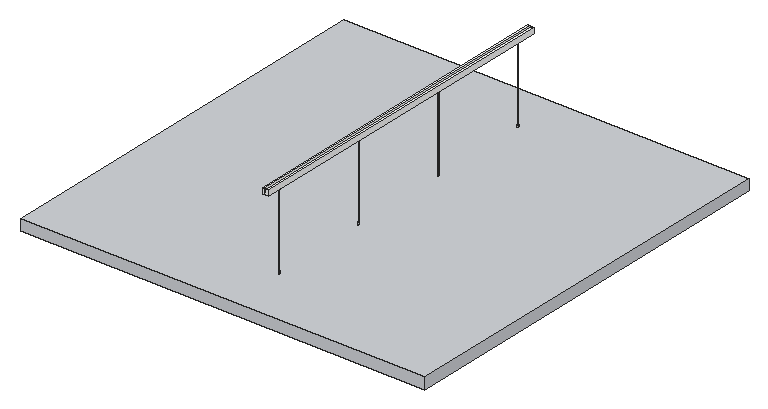
Revit family
Parameters (values of type "Zumtobel Track 3CV")
  URL = "http://www.zumtobel.com/S2801270"
  Type Comments = "© Zumtobel. We reserve the right to make technical changes without prior notice."  # constant formula
  Track Distance [instance] = if(Surface Mount, 0.00 mm, Suspension Height - 34.00 mm)  # 466.00 mm
  Suspension Visible [instance] = not(Surface Mount)  # yes
  Suspension Height Value [instance] = if(Surface Mount, 200.00 mm, Suspension Height)  # 500.00 mm
  Suspension Height [instance] = 500.00 mm
  Suspension Distance [instance] = (Length - 200.00 mm) / Number of Suspensions  # 450.00 mm
  Surface Mount [instance] = no
  Number of Suspensions [instance] = 4
  Model = "S2801270"
  Manufacturer = "Zumtobel Lighting"  # constant formula
  Length [instance] = 2000.00 mm
  Lamp = ""
  Emit Shape Visible in Rendering = no
  Description = "Track 3CV"  # constant formula
  Suspension [instance] = Zumtobel_Metal_Aluminium
  Apparent Load = 0 VA
  Default Elevation = 0.00 mm
  Assembly Code = "D5020200"
  Track [instance] = Zumtobel_Metal_White
Reference planes
  plane 1 "Center (Front/Back)": y = -250
  plane 2 "Top": z = 0
  plane 3: z = 500
  plane 4 "Right": y = -1250
  plane 5 "Left": y = 750
  plane 6: y = -1150
  plane 7: y = 650
  plane 8: z = 466
  plane 9 "Center (Left/Right)": x = -239.2
  plane 10: y = -1247.5
  plane 11: y = 747.5
  plane 12: z = 466
  plane 13: z = 500
Forms (mm)
  Extrusion 1, solid
    sketch origin (0, 0, 0) x (1, 0, 0) y (0, 1, 0)
      loop
        line (-1519.2, 939.2) -> (-1519.2, -1499.2) -> (919.2, -1499.2) -> (919.2, 939.2) -> (-1519.2, 939.2)
    from 0 to -66.193
  Extrusion 2, solid, material "Zumtobel_Metal_White" <- "Track"
    sketch origin (0, -1250, 0) x (0, 0, 1) y (-1, 0, 0)
      loop
        line (466, 222.2) -> (500, 222.2) -> (500, 231.2) -> (475, 231.2) -> (475, 247.2) -> (500, 247.2) -> (500, 256.2) -> (466, 256.2) -> (466, 222.2)
    from -1997.5 to -2.5
  Extrusion 3, solid, material "Zumtobel_Metal_White" <- "Track"
    sketch origin (0, -1250, 0) x (0, 0, 1) y (-1, 0, 0)
      loop
        line (500, 256.2) -> (466, 256.2) -> (466, 222.2) -> (500, 222.2) -> (500, 256.2)
    from 0 to -2.5
  Extrusion 4, solid, material "Zumtobel_Metal_White" <- "Track"
    sketch origin (0, 750, 0) x (0, 0, 1) y (-1, 0, 0)
      loop
        line (500, 256.2) -> (466, 256.2) -> (466, 222.2) -> (500, 222.2) -> (500, 256.2)
    from 0 to 2.5
Cuts and joins
  joined: Extrusion 2, Extrusion 3, Extrusion 4
Dimensions and locks
  "Suspension Height": plane 3 to plane 2 "Top"
  locked: plane 5 "Left" to plane 7 at 100
  locked: plane 6 to plane 4 "Right" at 100
  "Length": plane 5 "Left" to plane 4 "Right"
  equal spacing: plane 5 "Left", plane 1 "Center (Front/Back)", plane 4 "Right"
  locked: plane 3 to plane 8 at 34
  equal spacing: group 1, group 3, group 4, group 2  (x2)
  equal spacing: group 2, group 4, group 3, group 1
  locked: plane 10 to plane 4 "Right" at 2.5
  locked: plane 5 "Left" to plane 11 at 2.5
  locked: plane 13 to plane 12 at 34
  locked: Extrusion 2 sketch curve to Extrusion 2 sketch curve at 9
  "Track Distance": plane 12 to plane 2 "Top"
  aligned and locked: plane 2 "Top" to Extrusion 1
  aligned and locked: level to Extrusion 1
  aligned and locked: plane 7 to nested 1
  aligned and locked: nested 2 to plane 6
  aligned: Extrusion 2 to plane 5 "Left"
  aligned: plane 4 "Right" to Extrusion 2
  aligned and locked: plane 13 to Extrusion 2 sketch curve
  aligned and locked: Extrusion 2 sketch curve to plane 13
  aligned and locked: plane 12 to Extrusion 2 sketch curve
  aligned and locked: Extrusion 3 sketch curve to Extrusion 2  (x3)
  aligned and locked: Extrusion 2 to Extrusion 3 sketch curve
  aligned and locked: Extrusion 2 to plane 11
  aligned and locked: plane 12 to Extrusion 4 sketch curve
  aligned and locked: Extrusion 4 sketch curve to plane 13
  aligned and locked: plane 10 to Extrusion 2
Automatic sketch dimensions
  Extrusion 1 sketch curve to Extrusion 1 sketch curve = 2438.40 mm  (x2)
  plane 9 "Center (Left/Right)" to Extrusion 2 sketch curve = 17.00 mm
  plane 9 "Center (Left/Right)" to Extrusion 2 sketch curve = 8.00 mm
  Extrusion 2 sketch curve to plane 9 "Center (Left/Right)" = 8.00 mm
  Extrusion 2 sketch curve to Extrusion 2 sketch curve = 9.00 mm
  plane 9 "Center (Left/Right)" to Extrusion 4 sketch curve = 17.00 mm
  Extrusion 4 sketch curve to plane 9 "Center (Left/Right)" = 17.00 mm
Nested families
  nested 1: "Zumtobel Suspension" at (-239.2, 650, 0) x (1, 0, 0) z (0, 0, -1), Suspension <- "Suspension", visible <- "Suspension Visible", type "Zumtobel Suspension"
    with Suspension Zumtobel_Metal_Aluminium
  nested 2: "Zumtobel Suspension" at (-239.2, -1150, 0) x (1, 0, 0) z (0, 0, -1), Suspension <- "Suspension", visible <- "Suspension Visible", type "Zumtobel Suspension"
    with Suspension Zumtobel_Metal_Aluminium
  nested 3: "Zumtobel Suspension" at (-239.2, 50, 0) x (1, 0, 0) z (0, 0, -1), Suspension <- "Suspension", visible <- "Suspension Visible", type "Zumtobel Suspension"
    with Suspension Zumtobel_Metal_Aluminium
  nested 4: "Zumtobel Suspension" at (-239.2, -550, 0) x (1, 0, 0) z (0, 0, -1), Suspension <- "Suspension", visible <- "Suspension Visible", type "Zumtobel Suspension"
    with Suspension Zumtobel_Metal_Aluminium
Definition of nested family "Zumtobel Suspension"
  Parameters (values of type "Zumtobel Suspension")
    Suspension Height = 500.00 mm
    Suspension [instance] = none
    Emit Shape Visible in Rendering = no
    Default Elevation = 0.00 mm
    Assembly Code = ""
  Reference planes
    plane 1 "Light Source Axis (F/B)": y = 0
    plane 2: z = 0
    plane 3 "Center (Front/Back)": x = 0
    plane 4 "Bottom": z = -500
    plane 5 "Top Fitting": z = -466
  Forms (mm)
    Extrusion 1, solid, material <- "Suspension"
      sketch origin (0, 0, 0) x (1, 0, 0) y (0, 1, 0)
        loop
          circle (0, 0) r 2.6
      from 0 to -13
    Extrusion 2, solid, material <- "Suspension"
      sketch origin (0, 0, -320) x (1, 0, 0) y (0, 1, 0)
        loop
          circle (0, 0) r 1
      from 320 to -146
    Extrusion 3, solid, material <- "Suspension"
      sketch origin (0, 0, -466) x (-1, 0, 0) y (0, -1, 0)
        loop
          circle (0, 0) r 2
      from 0 to 15
  Cuts and joins
    joined: Extrusion 1, Extrusion 2, Extrusion 3
  Dimensions and locks
    locked: plane 5 "Top Fitting" to plane 4 "Bottom" at 34
    "Suspension Height": plane 2 to plane 4 "Bottom"
    aligned and locked: Extrusion 2 to plane 5 "Top Fitting"
    aligned and locked: plane 2 to Extrusion 2
  Automatic sketch dimensions
    plane 1 "Light Source Axis (F/B)" to Extrusion 1 sketch curve = 0.00 mm
    Extrusion 1 sketch curve to plane 3 "Center (Front/Back)" = 0.00 mm
    plane 1 "Light Source Axis (F/B)" to Extrusion 2 sketch curve = 0.00 mm
    Extrusion 2 sketch curve to plane 3 "Center (Front/Back)" = 0.00 mm
    plane 1 "Light Source Axis (F/B)" to Extrusion 3 sketch curve = 0.00 mm
    Extrusion 3 sketch curve to plane 3 "Center (Front/Back)" = 0.00 mm
    radius of Extrusion 1 sketch curve = 2.60 mm
    radius of Extrusion 2 sketch curve = 1.00 mm
    radius of Extrusion 3 sketch curve = 2.00 mm
